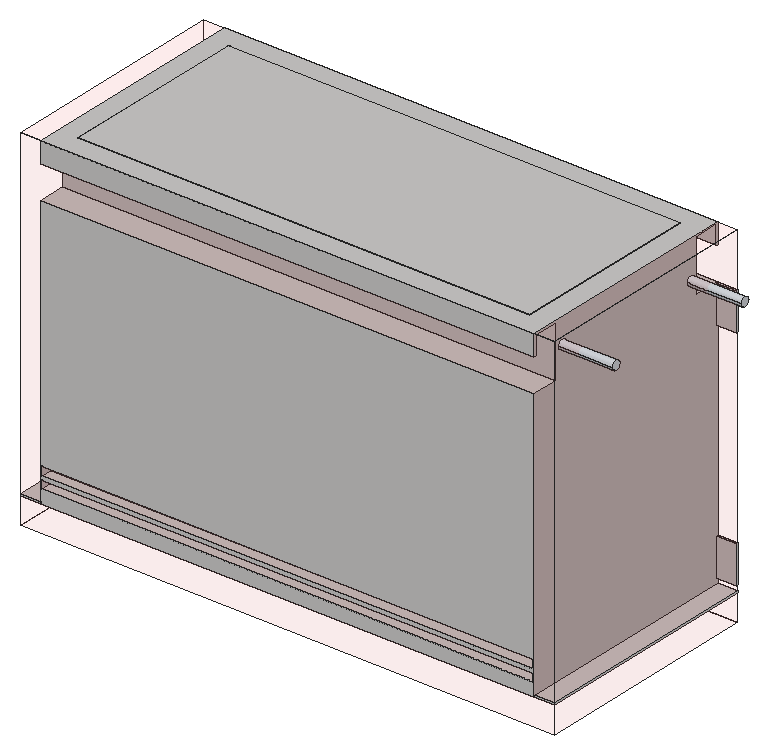
Revit family "Air-Curtain_Customer-Entry_PoweredAire_CHS", category Mechanical Equipment, host Face, Revit 2017
Family settings
  Host = Face
  Round Connector Dimension = Use Diameter
  Part Type = Normal
  OmniClass Number = 23.75.35.17.21
  OmniClass Title = Air Curtains
  Cut with Voids When Loaded = No
  Shared = No
  Room Calculation Point = No
Parameters
  upperrotation [instance] = if(Upper Pipe Connection Side A, 0.00°, 180.00°)  # 0.00°
  lowerrotation [instance] = if(Lower Pipe Connection Side A, 0.00°, 180.00°)  # 0.00°
  locateupperpipe [instance] = if(Upper Pipe Connection Side A, 0' 0", Nozzle Width)  # 0' - 0"
  locatelowerpipe [instance] = if(Lower Pipe Connection Side A, 0' 0", Nozzle Width)  # 0' - 0"
  Warranty Duration (Years) = 0
  Upper Pipe Connection Side A [instance] = yes
  Unit Width Notes = "Other Widths available."  # constant formula
  Unit Width = 3' - 3"
  Unit Weight = 0
  Unit Height = 1' - 4 3/4"
  Unit Depth [instance] = if(Include Filters, 2' 1 7/8", 1' 11 3/4")  # 1' - 11 3/4"
  URL = "http://www.poweredaire.com/"
  Test Data = ""
  Temperature Rise_Range = "as Specified"
  Standards Conformance = "as Specified"
  Specification = "http://www.arcat.com/sdspecs/htm04/23_34_33pai.htm"
  SpecWizard = ""
  Sound Pressure = "as Specified"
  Sales Information = "http://www.poweredaire.com/contact_us"
  Revision = "R1_2016-08"
  Projection from Host [instance] = 0' - 2"
  Product Properties = ""
  Product Data = "http://www.arcat.com/arcatcos/cos47/arc47623.html"
  Power Rating = 0 W
  Piping_Water Flow [instance] = 0 GPM
  Piping_Operating Pressure [instance] = 0.00 psi
  Piping_Exit Temperature [instance] = 0 °F
  Piping_Entry Temperature [instance] = 0 °F
  Pipe OD [instance] = 5/8"
  Outlet Volume_Range = "as Specified"
  Outlet Velocity_Range = "as Specified"
  Nozzle Width = if(1 = 1, Unit Width - 0' 3", 0' 0")  # 3' - 0"
  Mounting Width = if(1 = 1, Unit Width - 0' 1 1/2", 0' 0")  # 3' - 1 1/2"
  Mounting Height [instance] = 3' - 6"
  Motor RPM = 0
  Motor HP = 0
  Motor Count = 0
  Model = "As Specified"
  Max Height = 0' - 0"
  Manufacturer Website = "http://www.poweredaire.com/"
  Manufacturer Phone - Toll Free = "888-321-2473"
  Manufacturer Phone = "724-588-3305"
  Manufacturer Fax = "724-588-3371"
  Manufacturer Address = "109 Mortensen Rd.  Greenville, PA 16125"
  Manufacturer = "Powered Aire, Inc"
  Maintenance Schedule (Months) = 0
  Lower Pipe Connection Side A [instance] = yes
  Keynote = "23 34 33"
  Installation-Fabrication = ""
  Installation Phase = ""
  Include Filters [instance] = no
  Include Clearance [instance] = yes
  Heating Element Load = 0 W
  HVAC_Temperature Rise [instance] = 0 °F
  HVAC_Outlet Volume [instance] = 0 CFM
  HVAC_Outlet Velocity Uniformity = 0
  HVAC_Outlet Velocity [instance] = 0 FPM
  HVAC_BTU Input = 0.0 Btu/h
  Green Building-LEED = "http://www.arcat.com/green/clients/leed_data_47623.html"
  Front Grating Material [instance] = Metal - Steel - PoweredAire - Stainless 304 Perforated
  Frame Finish [instance] = Metal - Steel - PoweredAire - Stainless 304
  Expected Lifespan (Years) = 0
  Electrical_Wattage [instance] = Power Rating + Heating Element Load  # 0 W
  Electrical_Voltage [instance] = 0 V
  Electrical_Phase [instance] = 1
  Electrical_Frequency [instance] = 0 Hz
  Electrical_Amperage [instance] = 0 A
  Drawn By = "Sumex Design, Inc. / Robert S. Weygant, CSI, CDT, SCIP"
  Description = "Powered Aire Air Curtain as Specified"
  Default Elevation = 0' - 0"  # constant formula
  Copyright = "©Arcat Inc."
  Construction Details = "http://www.arcat.com/details/powair/prod3336.html"
  Clearance_Top [instance] = 0' - 0"
  Clearance_Side B [instance] = 0' - 0"
  Clearance_Side A [instance] = 0' - 0"
  Clearance_Intake [instance] = 0' - 0"
  Clearance_Bottom [instance] = 0' - 0"
  Clearance Material [instance] = ARCAT Clearance
  Building Codes = ""
  Available Options [instance] = "as Specified"
  Assembly Code = "D3090400"
Reference planes (in)
  plane 1 "Center (Elevation)": y = 0.13818
  plane 2: z = 0
  plane 3 "Center (Left/Right)": x = 0
  plane 4: y = 8.51318
  plane 5: y = -8.23682
  plane 6: x = -19.5
  plane 7: x = 19.5
  plane 8: z = 25.75
  plane 9 "FF": y = -41.86182
  plane 10: z = 2
  plane 11: x = 18
  plane 12: x = -18
  plane 13: y = 8.51318
  plane 14: y = -8.23682
  plane 15: x = -19.5
  plane 16: x = 19.5
  plane 17: z = 25.75
  plane 18: x = 17.9375
  plane 19: x = -17.9375
  plane 20: x = 18
  plane 21: x = 18
  plane 22: y = 6.01318
  plane 23: y = -5.73682
Forms (in)
  Extrusion 1, solid, material "Metal - Steel - PoweredAire - Stainless 304" <- "Frame Finish"
    sketch origin (0, 0, 0) x (0, 1, 0) y (0, 0, 1)
      loop
        line (-8.23682, 2) -> (8.51318, 2) -> (8.51318, 21.8125) -> (6.51318, 21.8125) -> (6.51318, 25.625) -> (8.38818, 25.625) -> (8.38818, 24.25) -> (8.51318, 24.25) -> (8.51318, 25.75) -> (-8.23682, 25.75) -> (-8.23682, 24.25) -> (-8.11182, 24.25) -> (-8.11182, 25.625) -> (-6.23682, 25.625) -> (-6.23682, 21.8125) -> (-8.23682, 21.8125) -> (-8.23682, 2)
    from -18 to 18
  Extrusion 2, solid, material "ARCAT Clearance" <- "Clearance Material", visible <- "Include Clearance"
    sketch origin (0, 0, 0) x (0, 1, 0) y (0, 0, 1)
      loop
        line (-8.23682, 25.75) -> (-8.23682, 0) -> (8.51318, 0) -> (8.51318, 25.75) -> (-8.23682, 25.75)
    from -19.5 to 19.5
  Extrusion 3, solid, material "Metal - Steel - PoweredAire - Stainless 304" <- "Frame Finish"
    sketch origin (-15.17702, -180, 2) x (-1, 0, 0) y (0, -1, 0)
      loop
        line (-33.17702, -188.51318) -> (-33.17702, -171.76318) -> (-34.67702, -171.76318) -> (-34.67702, -188.51318) -> (-33.17702, -188.51318)
      loop
        line (2.82298, -188.51318) -> (4.32298, -188.51318) -> (4.32298, -171.76318) -> (2.82298, -171.76318) -> (2.82298, -188.51318)
    from 0 to 0.125
  Extrusion 4, solid, material "Metal - Steel - PoweredAire - Stainless 304" <- "Frame Finish"
    sketch origin (-11.83813, 8.51318, 48) x (-1, 0, 0) y (0, 0, 1)
      loop
        line (-29.83813, -45.5) -> (-29.83813, -42.75) -> (-31.33813, -42.75) -> (-31.33813, -45.5) -> (-29.83813, -45.5)
      loop
        line (-29.83813, -28.9375) -> (-29.83813, -26.1875) -> (-31.33813, -26.1875) -> (-31.33813, -28.9375) -> (-29.83813, -28.9375)
      loop
        line (6.16187, -45.5) -> (7.66187, -45.5) -> (7.66187, -42.75) -> (6.16187, -42.75) -> (6.16187, -45.5)
      loop
        line (6.16187, -28.9375) -> (7.66187, -28.9375) -> (7.66187, -26.1875) -> (6.16187, -26.1875) -> (6.16187, -28.9375)
    from 0 to -0.125
  Extrusion 5, void
    sketch origin (0, 0, 0) x (0, 1, 0) y (0, 0, 1)
      loop
        line (-8.23682, 3) -> (-7.23682, 3) -> (-7.23682, 4.5) -> (-8.23682, 4.5) -> (-8.23682, 3.82425) -> (-7.38364, 3.82425) -> (-7.38364, 3.57425) -> (-8.23682, 3.57425) -> (-8.23682, 3)
    from -17.9375 to 17.9375
  Extrusion 6, solid, material "Metal - Steel - PoweredAire - Stainless 304 Perforated" <- "Front Grating Material"
    sketch origin (0, -8.23682, 25.75) x (0, 1, 0) y (-1, 0, 0)
      loop
        line (15.25, 16.5) -> (1.5, 16.5) -> (1.5, -16.5) -> (15.25, -16.5) -> (15.25, 16.5)
    from 0 to 0.03125
  Sweep 7, solid
    path origin (18, 6.01318, 0) x (1, 0, 0) y (0, 1, 0)
      loop
        line (0, 0) -> (4, 0)
    profile origin (20, 6.01318, 0) x (0, 1, 0) y (0, 0, 1)
      loop
        circle (0, 23) r 0.3125
  Sweep 8, solid
    path origin (18, -5.73682, 0) x (1, 0, 0) y (0, 1, 0)
      loop
        line (0, 0) -> (4, 0)
    profile origin (20, -5.73682, 0) x (0, 1, 0) y (0, 0, 1)
      loop
        circle (0, 24) r 0.3125
Cuts and joins
  Extrusion 5 cuts Extrusion 1
Lines and regions (in)
  reference lines
    curve 1: line (18, 6.01318, 0) -> (22.75, 6.01318, 0)
    curve 2: line (18, -5.73682, 0) -> (23.75, -5.73682, 0)
Dimensions and locks (in)
  equal spacing: plane 4, plane 1 "Center (Elevation)", plane 5
  "Unit Height": plane 4 to plane 5
  equal spacing: plane 6, plane 3 "Center (Left/Right)", plane 7
  "Unit Width": plane 6 to plane 7
  "Mounting Height": plane 1 "Center (Elevation)" to plane 9 "FF"
  "Projection from Host": plane 10 to level
  "Unit Depth": plane 8 to plane 10
  locked: plane 6 to plane 12 at 1.5
  locked: plane 11 to plane 7 at 1.5
  "Clearance_Side A": plane 7 to plane 16
  "Clearance_Side B": plane 15 to plane 6
  "Clearance_Top": plane 13 to plane 4
  "Clearance_Bottom": plane 5 to plane 14
  "Clearance_Intake": plane 17 to plane 8
  plane 5 to Extrusion 1 sketch curve to Extrusion 1 sketch curve = 0' - 0 1/8" locked, 0' - 1 7/8" locked
  Extrusion 1 sketch curve to Extrusion 1 sketch curve to plane 4 = 0' - 1 7/8" locked, 0' - 0 1/8" locked
  Extrusion 4 sketch curve to Extrusion 4 sketch curve to Extrusion 4 sketch curve to Extrusion 4 sketch curve to plane 10 = 0' - 2 3/4" locked, 1' - 1 13/16" locked, 0' - 2 3/4" locked, 0' - 0 1/2" locked
  Extrusion 4 sketch curve to Extrusion 4 sketch curve to Extrusion 4 sketch curve to Extrusion 4 sketch curve = 0' - 2 3/4" locked, 1' - 1 13/16" locked, 0' - 2 3/4" locked
  locked: Extrusion 4 sketch curve to plane 10 at 0.5
  plane 8 to Extrusion 1 sketch curve to Extrusion 1 sketch curve = 0' - 0 1/8" locked, 0' - 1 3/8" locked  (x2)
  locked: Extrusion 1 sketch curve to plane 10 at 19.8125  (x2)
  Extrusion 5 sketch curve to Extrusion 5 sketch curve to Extrusion 5 sketch curve to Extrusion 5 sketch curve to plane 10 = 0' - 0.67575" locked, 0' - 0 1/4" locked, 0' - 0.57425" locked, 0' - 1" locked
  plane 5 to Extrusion 5 sketch curve to Extrusion 5 sketch curve = 0' - 0.85319" locked, 0' - 0.14681" locked
  locked: plane 19 to plane 12 at 0.0625
  locked: plane 11 to plane 18 at 0.0625
  locked: plane 4 to Extrusion 6 sketch curve at 1.5
  locked: Extrusion 6 sketch curve to plane 5 at 1.5
  locked: Extrusion 6 sketch curve to plane 11 at 1.5
  locked: plane 12 to Extrusion 6 sketch curve at 1.5
  "locateupperpipe": plane 20 to plane 11
  "locatelowerpipe": plane 21 to plane 11
  locked: plane 4 to plane 22 at 2.5
  locked: plane 23 to plane 5 at 2.5
  locked: curve 1 to Sweep 7 sketch curve at 4
  locked: curve 1 to Sweep 7 sketch curve
  locked: Sweep 7 sketch curve to plane 10 at 21
  locked: curve 2 to Sweep 8 sketch curve at 4
  locked: curve 2 to Sweep 8 sketch curve
  locked: Sweep 8 sketch curve to plane 10 at 22
  "upperrotation": angle plane 22 to curve 1
  "lowerrotation": angle plane 23 to curve 2
  aligned and locked: plane 2 to host face
  aligned and locked: level to host face
  aligned and locked: Extrusion 2 sketch curve to plane 17
  aligned and locked: plane 14 to Extrusion 2 sketch curve
  aligned and locked: level to Extrusion 2 sketch curve
  aligned and locked: Extrusion 2 sketch curve to plane 13
  aligned and locked: plane 16 to Extrusion 2
  aligned and locked: Extrusion 2 to plane 15
  aligned and locked: plane 11 to Extrusion 1
  aligned and locked: Extrusion 1 to plane 12
  aligned and locked: plane 21 to curve 2
  aligned and locked: plane 23 to curve 2
  aligned and locked: plane 22 to curve 1
  aligned and locked: plane 20 to curve 1
Automatic sketch dimensions
  host sketch curve to host sketch curve = 8' - 0"  (x2)
  Extrusion 1 sketch curve to plane 5 = 0' - 0"  (x2)
  Extrusion 1 sketch curve to plane 4 = 0' - 0"  (x2)
  Extrusion 1 sketch curve to plane 10 = 0' - 0"
  Extrusion 1 sketch curve to plane 8 = 0' - 0"
  plane 4 to Extrusion 3 sketch curve = 0' - 0"
  Extrusion 3 sketch curve to plane 7 = 0' - 0"
  plane 5 to Extrusion 3 sketch curve = 0' - 0"
  Extrusion 3 sketch curve to plane 11 = 0' - 0"
  Extrusion 3 sketch curve to plane 4 = 0' - 0"
  Extrusion 3 sketch curve to plane 12 = 0' - 0"
  Extrusion 3 sketch curve to plane 6 = 0' - 0"
  Extrusion 3 sketch curve to plane 5 = 0' - 0"
  Extrusion 4 sketch curve to plane 7 = 0' - 0"  (x2)
  Extrusion 4 sketch curve to plane 11 = 0' - 0"  (x2)
  Extrusion 4 sketch curve to plane 12 = 0' - 0"  (x2)
  Extrusion 4 sketch curve to plane 6 = 0' - 0"  (x2)
  Extrusion 5 sketch curve to plane 5 = 0' - 0"  (x2)
  Sweep 7 sketch curve to profile plane = 0' - 0"
  Sweep 8 sketch curve to profile plane = 0' - 0"
  radius of Sweep 7 sketch curve = 0' - 0 5/16"
  radius of Sweep 8 sketch curve = 0' - 0 5/16"
Connectors (in)
  piping at (22, 6.01318, 23), diameter 0.625, driven by "Pipe OD", driven by "Piping_Water Flow"
    settings: on Sweep 7, index 1, connector inside diameter 24", connector length 0' - 0", flow factor 0, pipe flow 0 GPM, pressure drop 0.00 psi, fitting loss kfactor 0, connector angle 0.00°, fixture units 0, engagement length 0' - 0", angle of deflection 0.00°, flow configuration 0, flow direction 0, fitting loss method 0, system type 29, joint type 0, gender type 0, connector reference index -1, connector utility 0, adjustable connector no, is connector primary yes, connector description "Define Supply or Return and Location"
  piping at (22, -5.73682, 24), diameter 0.625, driven by "Pipe OD", driven by "Piping_Water Flow"
    settings: on Sweep 8, index 2, connector inside diameter 24", connector length 0' - 0", flow factor 0, pipe flow 0 GPM, pressure drop 0.00 psi, fitting loss kfactor 0, connector angle 0.00°, fixture units 0, engagement length 0' - 0", angle of deflection 0.00°, flow configuration 0, flow direction 0, fitting loss method 0, system type 29, joint type 0, gender type 0, connector reference index -1, connector utility 0, adjustable connector no, is connector primary no, connector description "Define Supply or Return and Location"
  electrical at (-18, 0.13818, 21.39062), driven by "Electrical_Voltage", driven by "Electrical_Phase"
    settings: on cut or joined group of Extrusion 1, Extrusion 5, index 3, voltage 0 V, apparent load 0 VA, apparent load phase1 0 VA, apparent load phase2 0 VA, apparent load phase3 0 VA, power factor 1, load classification "Motor", number of poles 1, system type 31, power factor state 1, is connector primary yes, connector utility no, sub classification motor no, connector description ""
